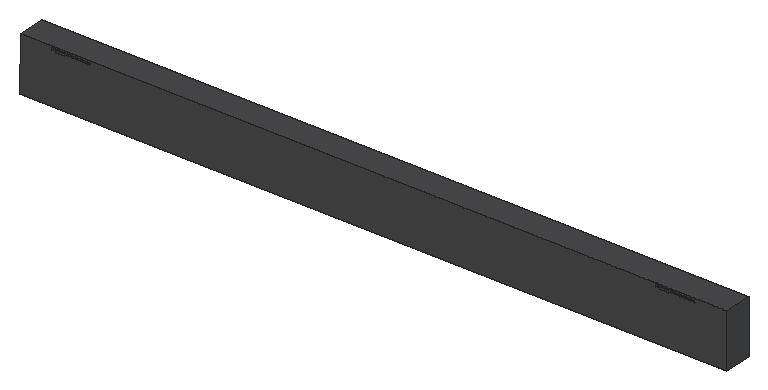
Revit family "STRIPE BLOCK CEILLING 946_DTSM40U9.2", category Luminarias, Revit 2019
Family settings
  Cota de conector redondo = Diámetro de uso
  Tipo de pieza = Normal
  Se basa en plano de trabajo = Sí
  Siempre vertical = Sí
  Corte con vacíos al cargar = No
  Origen de luz = Sí
  Compartido = No
  Punto de cálculo de habitación = No
Parameters (values of type "DOT BLOCK CEILLING 946_DTSM40U9.2")
  Ángulo de inclinación = 60.00°
  Ángulo de enfoque = 90.00°
  Ángulo de campo de foco = 90.00°
  Zone [instance] = ""
  Watt per fixture = 40
  Wattage = 40 W
  built-in parameter 1150107 = 2700 (stored number, unit not read)
  built-in parameter 1150110 = 1 (stored number, unit not read)
  built-in parameter 1150109 = 1 (stored number, unit not read)
  built-in parameter 1150112 = 1 (stored number, unit not read)
  built-in parameter 1150113 = 1 (stored number, unit not read)
  built-in parameter 1114218 = 1 (stored number, unit not read)
  Keynote = ""
  built-in parameter 1150137 = (empty or 0)
  built-in parameter 1150132 = (empty or 0)
  Modelo = "DTSM40U9.2"
  Lámpara = "2835SMD SAMSUNG"
  Light Source Symbol Length = 3048 mm
  built-in parameter 1150105 = 10164.5 (stored number, unit not read)
  built-in parameter 1150102 = (empty or 0)
  built-in parameter 1150106 = 101.64 (stored number, unit not read)
  Lumens = 3040 lm
  Color Filter = 16777215
  built-in parameter 1114217 = 1 (stored number, unit not read)
  built-in parameter 1150139 = (empty or 0)
  Fabricante = "BRILLANT"
  Default Elevation = 1219.2 mm
  built-in parameter 1150104 = 7.0606 (stored number, unit not read)
  Descripción = "LUMINARIA DOWNLIGHT EN FORMATO RECTANGULAR PARA SOBREPONER DIRECTO EN TECHO, CUERPO DE ALUMINIO ACABADO EN COLOR NEGRO, IP 20, PESO 1.88Kg, TIPO DE LED 2835SMD SAMSUNG CON 40W TOTAL, 3050 LUMENES, 76LM/W, IRC 90, TEMPERATURA EN BLANCO CALIDO 2700K, 50 MIL HORAS DE VIDA PROMEDIO, APERTURA DE 90 GRADOS POR STOCK, ALIMENTADO A 90-240V"
  built-in parameter 1150115 = 1 (stored number, unit not read)
  built-in parameter 1150114 = 1 (stored number, unit not read)
  Comentarios de vataje = "90-240V"
  built-in parameter 1150138 = (empty or 0)
  built-in parameter 1150134 = (empty or 0)
  Circuit [instance] = ""
  Dimming Lamp Color Temperature Shift = (empty or 0)
  Longitud de símbolo de origen de luz = 3048 mm
Reference planes
  plane 1 "Centro (Frontal/Posterior)": y = 0
  plane 2: z = 0
  plane 3 "Centro (Izquierda/Derecha)": x = 0
Forms (mm)
  Extrusion 1, solid, material "Default Form", not visible
    sketch origin (0, 0, 0) x (1, 0, 0) y (0, 0, 1)
      loop
        line (-473, 0) -> (-473, -72) -> (473, -72) -> (473, 0) -> (-473, 0)
    from -18.326 to 18.326
  Blend 2, void, not visible
    base sketch origin (-293.63, 0, 0) x (1, 0, 0) y (0, 1, 0)
      loop
        line (-162, 16.149) -> (-162, -16.149) -> (-144.14, -16.149) -> (-144.14, 16.149) -> (-162, 16.149)
    top sketch origin (-293.63, 0, 0) x (1, 0, 0) y (0, 1, 0)
      loop
        line (-160, 12.149) -> (-160, -12.149) -> (-146.14, -12.149) -> (-146.14, 12.149) -> (-160, 12.149)
    from -72 to -61.591
  Blend 3, void, not visible
    base sketch origin (-267.33, 0, 0) x (1, 0, 0) y (0, 1, 0)
      loop
        line (-162, 16.149) -> (-162, -16.149) -> (-144.14, -16.149) -> (-144.14, 16.149) -> (-162, 16.149)
    top sketch origin (-267.33, 0, 0) x (1, 0, 0) y (0, 1, 0)
      loop
        line (-160, 12.149) -> (-160, -12.149) -> (-146.14, -12.149) -> (-146.14, 12.149) -> (-160, 12.149)
    from -72 to -61.591
  Blend 4, void, not visible
    base sketch origin (-241.03, 0, 0) x (1, 0, 0) y (0, 1, 0)
      loop
        line (-162, 16.149) -> (-162, -16.149) -> (-144.14, -16.149) -> (-144.14, 16.149) -> (-162, 16.149)
    top sketch origin (-241.03, 0, 0) x (1, 0, 0) y (0, 1, 0)
      loop
        line (-160, 12.149) -> (-160, -12.149) -> (-146.14, -12.149) -> (-146.14, 12.149) -> (-160, 12.149)
    from -72 to -61.591
  Blend 5, void, not visible
    base sketch origin (-214.73, 0, 0) x (1, 0, 0) y (0, 1, 0)
      loop
        line (-162, 16.149) -> (-162, -16.149) -> (-144.14, -16.149) -> (-144.14, 16.149) -> (-162, 16.149)
    top sketch origin (-214.73, 0, 0) x (1, 0, 0) y (0, 1, 0)
      loop
        line (-160, 12.149) -> (-160, -12.149) -> (-146.14, -12.149) -> (-146.14, 12.149) -> (-160, 12.149)
    from -72 to -61.591
  Blend 6, void, not visible
    base sketch origin (-188.43, 0, 0) x (1, 0, 0) y (0, 1, 0)
      loop
        line (-162, 16.149) -> (-162, -16.149) -> (-144.14, -16.149) -> (-144.14, 16.149) -> (-162, 16.149)
    top sketch origin (-188.43, 0, 0) x (1, 0, 0) y (0, 1, 0)
      loop
        line (-160, 12.149) -> (-160, -12.149) -> (-146.14, -12.149) -> (-146.14, 12.149) -> (-160, 12.149)
    from -72 to -61.591
  Blend 7, void, not visible
    base sketch origin (-162.13, 0, 0) x (1, 0, 0) y (0, 1, 0)
      loop
        line (-162, 16.149) -> (-162, -16.149) -> (-144.14, -16.149) -> (-144.14, 16.149) -> (-162, 16.149)
    top sketch origin (-162.13, 0, 0) x (1, 0, 0) y (0, 1, 0)
      loop
        line (-160, 12.149) -> (-160, -12.149) -> (-146.14, -12.149) -> (-146.14, 12.149) -> (-160, 12.149)
    from -72 to -61.591
  Blend 8, void, not visible
    base sketch origin (-135.83, 0, 0) x (1, 0, 0) y (0, 1, 0)
      loop
        line (-162, 16.149) -> (-162, -16.149) -> (-144.14, -16.149) -> (-144.14, 16.149) -> (-162, 16.149)
    top sketch origin (-135.83, 0, 0) x (1, 0, 0) y (0, 1, 0)
      loop
        line (-160, 12.149) -> (-160, -12.149) -> (-146.14, -12.149) -> (-146.14, 12.149) -> (-160, 12.149)
    from -72 to -61.591
  Blend 9, void, not visible
    base sketch origin (-109.53, 0, 0) x (1, 0, 0) y (0, 1, 0)
      loop
        line (-162, 16.149) -> (-162, -16.149) -> (-144.14, -16.149) -> (-144.14, 16.149) -> (-162, 16.149)
    top sketch origin (-109.53, 0, 0) x (1, 0, 0) y (0, 1, 0)
      loop
        line (-160, 12.149) -> (-160, -12.149) -> (-146.14, -12.149) -> (-146.14, 12.149) -> (-160, 12.149)
    from -72 to -61.591
  Blend 10, void, not visible
    base sketch origin (-83.23, 0, 0) x (1, 0, 0) y (0, 1, 0)
      loop
        line (-162, 16.149) -> (-162, -16.149) -> (-144.14, -16.149) -> (-144.14, 16.149) -> (-162, 16.149)
    top sketch origin (-83.23, 0, 0) x (1, 0, 0) y (0, 1, 0)
      loop
        line (-160, 12.149) -> (-160, -12.149) -> (-146.14, -12.149) -> (-146.14, 12.149) -> (-160, 12.149)
    from -72 to -61.591
  Blend 11, void, not visible
    base sketch origin (-56.93, 0, 0) x (1, 0, 0) y (0, 1, 0)
      loop
        line (-162, 16.149) -> (-162, -16.149) -> (-144.14, -16.149) -> (-144.14, 16.149) -> (-162, 16.149)
    top sketch origin (-56.93, 0, 0) x (1, 0, 0) y (0, 1, 0)
      loop
        line (-160, 12.149) -> (-160, -12.149) -> (-146.14, -12.149) -> (-146.14, 12.149) -> (-160, 12.149)
    from -72 to -61.591
  Blend 12, void, not visible
    base sketch origin (-30.63, 0, 0) x (1, 0, 0) y (0, 1, 0)
      loop
        line (-162, 16.149) -> (-162, -16.149) -> (-144.14, -16.149) -> (-144.14, 16.149) -> (-162, 16.149)
    top sketch origin (-30.63, 0, 0) x (1, 0, 0) y (0, 1, 0)
      loop
        line (-160, 12.149) -> (-160, -12.149) -> (-146.14, -12.149) -> (-146.14, 12.149) -> (-160, 12.149)
    from -72 to -61.591
  Blend 13, void, not visible
    base sketch origin (-4.33, 0, 0) x (1, 0, 0) y (0, 1, 0)
      loop
        line (-162, 16.149) -> (-162, -16.149) -> (-144.14, -16.149) -> (-144.14, 16.149) -> (-162, 16.149)
    top sketch origin (-4.33, 0, 0) x (1, 0, 0) y (0, 1, 0)
      loop
        line (-160, 12.149) -> (-160, -12.149) -> (-146.14, -12.149) -> (-146.14, 12.149) -> (-160, 12.149)
    from -72 to -61.591
  Blend 14, void, not visible
    base sketch origin (21.97, 0, 0) x (1, 0, 0) y (0, 1, 0)
      loop
        line (-162, 16.149) -> (-162, -16.149) -> (-144.14, -16.149) -> (-144.14, 16.149) -> (-162, 16.149)
    top sketch origin (21.97, 0, 0) x (1, 0, 0) y (0, 1, 0)
      loop
        line (-160, 12.149) -> (-160, -12.149) -> (-146.14, -12.149) -> (-146.14, 12.149) -> (-160, 12.149)
    from -72 to -61.591
  Blend 15, void, not visible
    base sketch origin (48.27, 0, 0) x (1, 0, 0) y (0, 1, 0)
      loop
        line (-162, 16.149) -> (-162, -16.149) -> (-144.14, -16.149) -> (-144.14, 16.149) -> (-162, 16.149)
    top sketch origin (48.27, 0, 0) x (1, 0, 0) y (0, 1, 0)
      loop
        line (-160, 12.149) -> (-160, -12.149) -> (-146.14, -12.149) -> (-146.14, 12.149) -> (-160, 12.149)
    from -72 to -61.591
  Blend 16, void, not visible
    base sketch origin (74.57, 0, 0) x (1, 0, 0) y (0, 1, 0)
      loop
        line (-162, 16.149) -> (-162, -16.149) -> (-144.14, -16.149) -> (-144.14, 16.149) -> (-162, 16.149)
    top sketch origin (74.57, 0, 0) x (1, 0, 0) y (0, 1, 0)
      loop
        line (-160, 12.149) -> (-160, -12.149) -> (-146.14, -12.149) -> (-146.14, 12.149) -> (-160, 12.149)
    from -72 to -61.591
  Blend 17, void, not visible
    base sketch origin (100.87, 0, 0) x (1, 0, 0) y (0, 1, 0)
      loop
        line (-162, 16.149) -> (-162, -16.149) -> (-144.14, -16.149) -> (-144.14, 16.149) -> (-162, 16.149)
    top sketch origin (100.87, 0, 0) x (1, 0, 0) y (0, 1, 0)
      loop
        line (-160, 12.149) -> (-160, -12.149) -> (-146.14, -12.149) -> (-146.14, 12.149) -> (-160, 12.149)
    from -72 to -61.591
  Blend 18, void, not visible
    base sketch origin (127.17, 0, 0) x (1, 0, 0) y (0, 1, 0)
      loop
        line (-162, 16.149) -> (-162, -16.149) -> (-144.14, -16.149) -> (-144.14, 16.149) -> (-162, 16.149)
    top sketch origin (127.17, 0, 0) x (1, 0, 0) y (0, 1, 0)
      loop
        line (-160, 12.149) -> (-160, -12.149) -> (-146.14, -12.149) -> (-146.14, 12.149) -> (-160, 12.149)
    from -72 to -61.591
  Blend 19, void, not visible
    base sketch origin (153.47, 0, 0) x (1, 0, 0) y (0, 1, 0)
      loop
        line (-162, 16.149) -> (-162, -16.149) -> (-144.14, -16.149) -> (-144.14, 16.149) -> (-162, 16.149)
    top sketch origin (153.47, 0, 0) x (1, 0, 0) y (0, 1, 0)
      loop
        line (-160, 12.149) -> (-160, -12.149) -> (-146.14, -12.149) -> (-146.14, 12.149) -> (-160, 12.149)
    from -72 to -61.591
  Blend 20, void, not visible
    base sketch origin (179.77, 0, 0) x (1, 0, 0) y (0, 1, 0)
      loop
        line (-162, 16.149) -> (-162, -16.149) -> (-144.14, -16.149) -> (-144.14, 16.149) -> (-162, 16.149)
    top sketch origin (179.77, 0, 0) x (1, 0, 0) y (0, 1, 0)
      loop
        line (-160, 12.149) -> (-160, -12.149) -> (-146.14, -12.149) -> (-146.14, 12.149) -> (-160, 12.149)
    from -72 to -61.591
  Blend 21, void, not visible
    base sketch origin (206.07, 0, 0) x (1, 0, 0) y (0, 1, 0)
      loop
        line (-162, 16.149) -> (-162, -16.149) -> (-144.14, -16.149) -> (-144.14, 16.149) -> (-162, 16.149)
    top sketch origin (206.07, 0, 0) x (1, 0, 0) y (0, 1, 0)
      loop
        line (-160, 12.149) -> (-160, -12.149) -> (-146.14, -12.149) -> (-146.14, 12.149) -> (-160, 12.149)
    from -72 to -61.591
  Blend 22, void, not visible
    base sketch origin (232.37, 0, 0) x (1, 0, 0) y (0, 1, 0)
      loop
        line (-162, 16.149) -> (-162, -16.149) -> (-144.14, -16.149) -> (-144.14, 16.149) -> (-162, 16.149)
    top sketch origin (232.37, 0, 0) x (1, 0, 0) y (0, 1, 0)
      loop
        line (-160, 12.149) -> (-160, -12.149) -> (-146.14, -12.149) -> (-146.14, 12.149) -> (-160, 12.149)
    from -72 to -61.591
  Blend 23, void, not visible
    base sketch origin (258.67, 0, 0) x (1, 0, 0) y (0, 1, 0)
      loop
        line (-162, 16.149) -> (-162, -16.149) -> (-144.14, -16.149) -> (-144.14, 16.149) -> (-162, 16.149)
    top sketch origin (258.67, 0, 0) x (1, 0, 0) y (0, 1, 0)
      loop
        line (-160, 12.149) -> (-160, -12.149) -> (-146.14, -12.149) -> (-146.14, 12.149) -> (-160, 12.149)
    from -72 to -61.591
  Blend 24, void, not visible
    base sketch origin (284.97, 0, 0) x (1, 0, 0) y (0, 1, 0)
      loop
        line (-162, 16.149) -> (-162, -16.149) -> (-144.14, -16.149) -> (-144.14, 16.149) -> (-162, 16.149)
    top sketch origin (284.97, 0, 0) x (1, 0, 0) y (0, 1, 0)
      loop
        line (-160, 12.149) -> (-160, -12.149) -> (-146.14, -12.149) -> (-146.14, 12.149) -> (-160, 12.149)
    from -72 to -61.591
  Blend 25, void, not visible
    base sketch origin (311.27, 0, 0) x (1, 0, 0) y (0, 1, 0)
      loop
        line (-162, 16.149) -> (-162, -16.149) -> (-144.14, -16.149) -> (-144.14, 16.149) -> (-162, 16.149)
    top sketch origin (311.27, 0, 0) x (1, 0, 0) y (0, 1, 0)
      loop
        line (-160, 12.149) -> (-160, -12.149) -> (-146.14, -12.149) -> (-146.14, 12.149) -> (-160, 12.149)
    from -72 to -61.591
  Blend 26, void, not visible
    base sketch origin (337.57, 0, 0) x (1, 0, 0) y (0, 1, 0)
      loop
        line (-162, 16.149) -> (-162, -16.149) -> (-144.14, -16.149) -> (-144.14, 16.149) -> (-162, 16.149)
    top sketch origin (337.57, 0, 0) x (1, 0, 0) y (0, 1, 0)
      loop
        line (-160, 12.149) -> (-160, -12.149) -> (-146.14, -12.149) -> (-146.14, 12.149) -> (-160, 12.149)
    from -72 to -61.591
  Blend 27, void, not visible
    base sketch origin (363.87, 0, 0) x (1, 0, 0) y (0, 1, 0)
      loop
        line (-162, 16.149) -> (-162, -16.149) -> (-144.14, -16.149) -> (-144.14, 16.149) -> (-162, 16.149)
    top sketch origin (363.87, 0, 0) x (1, 0, 0) y (0, 1, 0)
      loop
        line (-160, 12.149) -> (-160, -12.149) -> (-146.14, -12.149) -> (-146.14, 12.149) -> (-160, 12.149)
    from -72 to -61.591
  Blend 28, void, not visible
    base sketch origin (390.17, 0, 0) x (1, 0, 0) y (0, 1, 0)
      loop
        line (-162, 16.149) -> (-162, -16.149) -> (-144.14, -16.149) -> (-144.14, 16.149) -> (-162, 16.149)
    top sketch origin (390.17, 0, 0) x (1, 0, 0) y (0, 1, 0)
      loop
        line (-160, 12.149) -> (-160, -12.149) -> (-146.14, -12.149) -> (-146.14, 12.149) -> (-160, 12.149)
    from -72 to -61.591
  Blend 29, void, not visible
    base sketch origin (416.47, 0, 0) x (1, 0, 0) y (0, 1, 0)
      loop
        line (-162, 16.149) -> (-162, -16.149) -> (-144.14, -16.149) -> (-144.14, 16.149) -> (-162, 16.149)
    top sketch origin (416.47, 0, 0) x (1, 0, 0) y (0, 1, 0)
      loop
        line (-160, 12.149) -> (-160, -12.149) -> (-146.14, -12.149) -> (-146.14, 12.149) -> (-160, 12.149)
    from -72 to -61.591
  Blend 30, void, not visible
    base sketch origin (442.77, 0, 0) x (1, 0, 0) y (0, 1, 0)
      loop
        line (-162, 16.149) -> (-162, -16.149) -> (-144.14, -16.149) -> (-144.14, 16.149) -> (-162, 16.149)
    top sketch origin (442.77, 0, 0) x (1, 0, 0) y (0, 1, 0)
      loop
        line (-160, 12.149) -> (-160, -12.149) -> (-146.14, -12.149) -> (-146.14, 12.149) -> (-160, 12.149)
    from -72 to -61.591
  Blend 31, void, not visible
    base sketch origin (469.07, 0, 0) x (1, 0, 0) y (0, 1, 0)
      loop
        line (-162, 16.149) -> (-162, -16.149) -> (-144.14, -16.149) -> (-144.14, 16.149) -> (-162, 16.149)
    top sketch origin (469.07, 0, 0) x (1, 0, 0) y (0, 1, 0)
      loop
        line (-160, 12.149) -> (-160, -12.149) -> (-146.14, -12.149) -> (-146.14, 12.149) -> (-160, 12.149)
    from -72 to -61.591
  Blend 32, void, not visible
    base sketch origin (495.37, 0, 0) x (1, 0, 0) y (0, 1, 0)
      loop
        line (-162, 16.149) -> (-162, -16.149) -> (-144.14, -16.149) -> (-144.14, 16.149) -> (-162, 16.149)
    top sketch origin (495.37, 0, 0) x (1, 0, 0) y (0, 1, 0)
      loop
        line (-160, 12.149) -> (-160, -12.149) -> (-146.14, -12.149) -> (-146.14, 12.149) -> (-160, 12.149)
    from -72 to -61.591
  Blend 33, void, not visible
    base sketch origin (521.67, 0, 0) x (1, 0, 0) y (0, 1, 0)
      loop
        line (-162, 16.149) -> (-162, -16.149) -> (-144.14, -16.149) -> (-144.14, 16.149) -> (-162, 16.149)
    top sketch origin (521.67, 0, 0) x (1, 0, 0) y (0, 1, 0)
      loop
        line (-160, 12.149) -> (-160, -12.149) -> (-146.14, -12.149) -> (-146.14, 12.149) -> (-160, 12.149)
    from -72 to -61.591
  Blend 34, void, not visible
    base sketch origin (547.97, 0, 0) x (1, 0, 0) y (0, 1, 0)
      loop
        line (-162, 16.149) -> (-162, -16.149) -> (-144.14, -16.149) -> (-144.14, 16.149) -> (-162, 16.149)
    top sketch origin (547.97, 0, 0) x (1, 0, 0) y (0, 1, 0)
      loop
        line (-160, 12.149) -> (-160, -12.149) -> (-146.14, -12.149) -> (-146.14, 12.149) -> (-160, 12.149)
    from -72 to -61.591
  Blend 35, void, not visible
    base sketch origin (574.27, 0, 0) x (1, 0, 0) y (0, 1, 0)
      loop
        line (-162, 16.149) -> (-162, -16.149) -> (-144.14, -16.149) -> (-144.14, 16.149) -> (-162, 16.149)
    top sketch origin (574.27, 0, 0) x (1, 0, 0) y (0, 1, 0)
      loop
        line (-160, 12.149) -> (-160, -12.149) -> (-146.14, -12.149) -> (-146.14, 12.149) -> (-160, 12.149)
    from -72 to -61.591
  Blend 36, void, not visible
    base sketch origin (600.57, 0, 0) x (1, 0, 0) y (0, 1, 0)
      loop
        line (-162, 16.149) -> (-162, -16.149) -> (-144.14, -16.149) -> (-144.14, 16.149) -> (-162, 16.149)
    top sketch origin (600.57, 0, 0) x (1, 0, 0) y (0, 1, 0)
      loop
        line (-160, 12.149) -> (-160, -12.149) -> (-146.14, -12.149) -> (-146.14, 12.149) -> (-160, 12.149)
    from -72 to -61.591
  Extrusion 37, solid, not visible
    sketch origin (-463.861, 0, 3.217) x (0, -1, 0) y (0, 0, -1)
      loop
        line (18.326, 3.217) -> (-18.326, 3.217) -> (-18.326, 73.917) -> (-32.183, 73.917) -> (-32.183, 72.617) -> (-19.626, 72.617) -> (-19.626, 1.917) -> (19.626, 1.917) -> (19.626, 72.617) -> (32.183, 72.617) -> (32.183, 73.917) -> (18.326, 73.917) -> (18.326, 3.217)
    from 89.098 to 128.24
  Extrusion 38, solid, not visible
    sketch origin (-246.523, 0, 3.217) x (0, -1, 0) y (0, 0, 1)
      loop
        line (-19.626, -1.917) -> (19.626, -1.917) -> (19.626, -63.89) -> (20.426, -63.89) -> (20.426, -1.117) -> (-20.426, -1.117) -> (-20.426, -63.89) -> (-19.626, -63.89) -> (-19.626, -1.917)
    from 122.954 to 124.098
  Extrusion 39, solid, not visible
    sketch origin (-463.861, 0, 3.217) x (0, -1, 0) y (0, 0, -1)
      loop
        line (-19.626, 1.917) -> (-19.626, 63.89) -> (-20.426, 63.89) -> (-20.426, 1.117) -> (20.426, 1.117) -> (20.426, 63.89) -> (19.626, 63.89) -> (19.626, 1.917) -> (-19.626, 1.917)
    from 122.954 to 124.098
  Extrusion 40, void, not visible
    sketch origin (0, 0, 0) x (1, 0, 0) y (0, 1, 0)
      loop
        circle (-363.799, -25.904) r 2.055
      loop
        circle (-346.585, -25.904) r 2.055
      loop
        circle (-363.799, 25.904) r 2.055
      loop
        circle (-346.585, 25.904) r 2.055
    from -70.7 to -69.4
  Extrusion 41, solid, material "Default Form"
    sketch origin (0, 0, 72) x (1, 0, 0) y (0, 0, -1)
      loop
        line (-473, 0) -> (473, 0) -> (473, 72) -> (-473, 72) -> (-473, 0)
    from -18.326 to 18.326
  Extrusion 42, void
    sketch origin (-308.75, 0, 0) x (1, 0, 0) y (0, 1, 0)
      loop
        line (-122.17, -18.326) -> (-69.57, -18.326) -> (-69.57, -16.149) -> (-122.17, -16.149) -> (-122.17, -18.326)
      loop
        line (-122.17, 18.326) -> (-122.17, 16.149) -> (-69.57, 16.149) -> (-69.57, 18.326) -> (-122.17, 18.326)
    from 66.852 to 70.535
  Extrusion 43, solid, material "Default Form"
    sketch origin (250, 0, 0) x (1, 0, 0) y (0, 1, 0)
      loop
        line (146.935, -16.149) -> (145.601, -16.149) -> (145.601, -18.326) -> (135.101, -18.326) -> (135.101, -20.238) -> (146.935, -20.238) -> (146.935, -16.149)
      loop
        line (146.935, 16.149) -> (146.935, 20.238) -> (135.101, 20.238) -> (135.101, 18.326) -> (145.601, 18.326) -> (145.601, 16.149) -> (146.935, 16.149)
      loop
        line (-662.305, -16.149) -> (-663.639, -16.149) -> (-663.639, -18.326) -> (-674.139, -18.326) -> (-674.139, -20.238) -> (-662.305, -20.238) -> (-662.305, -16.149)
      loop
        line (-662.305, 16.149) -> (-662.305, 20.238) -> (-674.139, 20.238) -> (-674.139, 18.326) -> (-663.639, 18.326) -> (-663.639, 16.149) -> (-662.305, 16.149)
    from 67.466 to 69.773
  Extrusion 44, void
    sketch origin (308.75, 0, 0) x (-1, 0, 0) y (0, -1, 0)
      loop
        line (-122.17, 18.326) -> (-122.17, 16.149) -> (-69.57, 16.149) -> (-69.57, 18.326) -> (-122.17, 18.326)
      loop
        line (-122.17, -18.326) -> (-69.57, -18.326) -> (-69.57, -16.149) -> (-122.17, -16.149) -> (-122.17, -18.326)
    from 66.852 to 70.535
  Blend 45, void
    base sketch origin (-83.23, 130.851, 72) x (1, 0, 0) y (0, 1, 0)
      loop
        line (-385.709, -147) -> (553.331, -147) -> (553.331, -114.702) -> (-385.709, -114.702) -> (-385.709, -147)
    top sketch origin (-83.23, 130.851, 72) x (1, 0, 0) y (0, 1, 0)
      loop
        line (-380.73, -143) -> (548.331, -143) -> (548.331, -118.702) -> (-380.73, -118.702) -> (-380.73, -143)
    from -72 to -61.591
Cuts and joins
  Extrusion 42, Extrusion 44, Blend 45 cuts Extrusion 41
  Extrusion 44 cuts Extrusion 43
Dimensions and locks
  cut or joined group of Extrusion 41, Extrusion 42, Extrusion 44, Blend 45 to cut or joined group of Extrusion 41, Extrusion 42, Extrusion 44, Blend 45 = 72 mm  (x2)
  cut or joined group of Extrusion 41, Extrusion 42, Extrusion 44, Blend 45 to cut or joined group of Extrusion 41, Extrusion 42, Extrusion 44, Blend 45 = 36.651 mm
  cut or joined group of Extrusion 41, Extrusion 42, Extrusion 44, Blend 45 to cut or joined group of Extrusion 41, Extrusion 42, Extrusion 44, Blend 45 = 946 mm
  cut or joined group of Extrusion 41, Extrusion 42, Extrusion 44, Blend 45 to cut or joined group of Extrusion 41, Extrusion 42, Extrusion 44, Blend 45 = 42.08 mm  (x2)
  aligned and locked: level to plane 2
Connectors
  electrical at (0, 0, 72)
    settings: on cut or joined group of Extrusion 41, Extrusion 42, Extrusion 44, Blend 45, index 1, voltage 0 V, apparent load 0 VA, apparent load phase1 0 VA, apparent load phase2 0 VA, apparent load phase3 0 VA, power factor 1, load classification "Otro", number of poles 1, system type 31, power factor state 1, is connector primary yes, connector utility no, sub classification motor no, connector description ""
